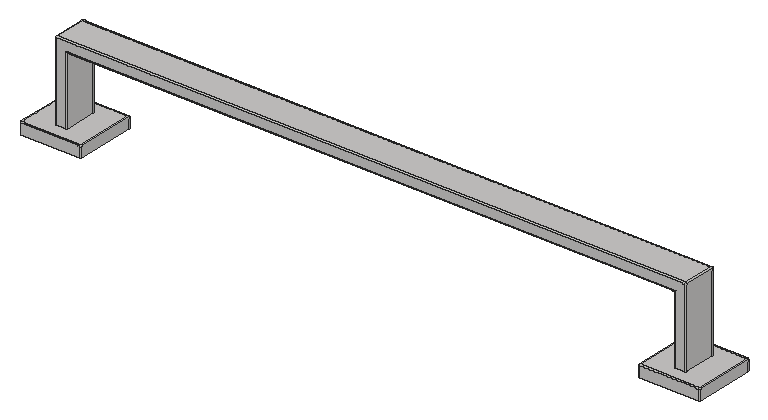
Revit family "PRD_FrankeWS_TwlRls_CUBUSIndividualTowelRail_CUBX001HP", category Specialty Equipment, host Face, Revit 2018
Family settings
  Host = Face
  Round Connector Dimension = Use Diameter
  Part Type = Normal
  OmniClass Number = 23.40.20.21.27
  OmniClass Title = Towel Bars
  Cut with Voids When Loaded = No
  Shared = No
  Room Calculation Point = No
Parameters (values of type "CUBX001HP")
  WarrantyStartDate [instance] = "1900-12-31T23:59:59"
  WarrantyGuarantorParts = "n/a"
  WarrantyGuarantorLabor = "n/a"
  WarrantyDurationUnit = "year"
  WarrantyDurationParts = "n/a"
  WarrantyDurationLabor = "n/a"
  WarrantyDescription = "n/a"
  Version = "1"
  Uniclass2015Version = "Products v1.17"
  Uniclass2015Title = "Towel rails"
  Uniclass2015Code = "Pr_40_20_76_90"
  URL = "www.kwc.com"
  TypeOfMounting = "Wall mounting"
  TypeOfFixing = "Screw"
  TagNumber [instance] = "n/a"
  SustainabilityPerformance = "n/a"
  Style = "Rail"
  Size = "600 x 54 x 80 mm"
  Shape = "n/a"
  SerialNumber [instance] = "n/a"
  Revision = "n/a"
  ReplacementCost = "n/a"
  RailMaterial = PRD_AR_StainlessSteel_HighPolished
  ProductInformation = "https://pim.kwc.com/product/2000106345/attachment/datasheet?locale=en"
  NominalWidth = 600.00 mm
  NominalHeight = 54.00 mm
  NominalDepth = 80.00 mm
  NetWeight = 0.56 kg
  Name = "Individual Towel Rail CUBX001HP"
  NBSTypeID = "n/a"
  NBSReference = "45-35-72/372"
  NBSOfficeMasterTag = "n/a"
  NBSNote = "n/a"
  NBSDescription = "Towel rails"
  NBSCertification = "n/a"
  ModelReference = "CUBX001HP"
  ModelNumber = "2000106345"
  Model = ModelReference  # "CUBX001HP"
  MaterialCode = "1.4301"
  Material = "stainless steel"
  ManufacturerURL = "www.kwc.com"
  ManufacturerName = "KWC Group AG"  # constant formula
  Manufacturer = ManufacturerName  # "KWC Group AG"
  MainColor = "stainless steel"
  IsBuiltIn = "TRUE"
  IntegralAccessories = "incl. stainless steel screws and dowels"
  InstallationDate [instance] = "1900-12-31T23:59:59"
  IfcExportType = "USERDEFINED"
  IfcExportAs = "IfcFurnitureType"
  GrossWeight = 0.89 kg
  Grade = "n/a"
  Finish = "high polished"
  Features = "stainless steel, surface high polished"
  ExpectedLife = "n/a"
  DurationUnit = "year"
  Description = "Single towel rail for wall mounting, 304 stainless steel, square covers with drilled hole on bottom for fixation, inclusive stainless steel screws and dowels."
  Default Elevation = 1200.00 mm
  CreateOn = "05/2020"  # constant formula
  Constituents = "n/a"
  Color = "n/a"
  CodePerformance = "n/a"
  Category = "Pr_40_20_76_90, Towel rails"
  BarCode [instance] = "n/a"
  BIMObjectName = "PRD_AR_TowelRails_CUBUSIndividualTowelRail_CUBX001HP"
  Author = "Archispace"  # constant formula
  AssetType = "Fixed"
  AssetIdentifier [instance] = "n/a"
  AccessibilityPerformance = "n/a"
Reference planes
  plane 1 "Center (Front/Back)": y = 0
  plane 2: z = 0
  plane 3 "Center (Left/Right)": x = 0
  plane 4: through (0, 126.53, 100.48) normal (0, -0.7071, 0.7071)
  plane 5: through (0, -10.935, 59.177) normal (0, -0.1736, 0.9848)
  plane 6: y = 27
  plane 7: y = -27
  plane 8: x = -300
  plane 9: x = 300
  plane 10: x = 273
  plane 11: x = -273
Forms (mm)
  Extrusion 1, solid, material "PRD_AR_StainlessSteel_HighPolished" <- "RailMaterial", detail levels fine
    sketch origin (0, 0, 0) x (1, 0, 0) y (0, 1, 0)
      loop
        line (-300, 26) -> (-300, -26)
        arc (-300, -26) -> (-299.707, -26.707) -> (-299, -27) r 1
        line (-299, -27) -> (-247, -27)
        arc (-247, -27) -> (-246.293, -26.707) -> (-246, -26) r 1
        line (-246, -26) -> (-246, 26)
        arc (-246, 26) -> (-246.293, 26.707) -> (-247, 27) r 1
        line (-247, 27) -> (-299, 27)
        arc (-299, 27) -> (-299.707, 26.707) -> (-300, 26) r 1
      loop
        arc (300, 26) -> (299.707, 26.707) -> (299, 27) r 1
        line (299, 27) -> (247, 27)
        arc (247, 27) -> (246.293, 26.707) -> (246, 26) r 1
        line (246, 26) -> (246, -26)
        arc (246, -26) -> (246.293, -26.707) -> (247, -27) r 1
        line (247, -27) -> (299, -27)
        arc (299, -27) -> (299.707, -26.707) -> (300, -26) r 1
        line (300, -26) -> (300, 26)
    from 0 to 10
  Sweep 2, void
    path in 3D
      loop
        arc (-300, -26, 10) -> (-299.707, -26.707, 10) -> (-299, -27, 10) r 1
        line (-299, -27, 10) -> (-247, -27, 10)
        arc (-247, -27, 10) -> (-246.293, -26.707, 10) -> (-246, -26, 10) r 1
        line (-246, -26, 10) -> (-246, 26, 10)
        arc (-246, 26, 10) -> (-246.293, 26.707, 10) -> (-247, 27, 10) r 1
        line (-247, 27, 10) -> (-299, 27, 10)
        arc (-299, 27, 10) -> (-299.707, 26.707, 10) -> (-300, 26, 10) r 1
        line (-300, 26, 10) -> (-300, -26, 10)
    profile origin (-300, 0, 10) x (1, 0, 0) y (0, 0, 1)
      loop
        line (0, 0) -> (0, -0.9)
        arc (0, -0.9) -> (0.264, -0.264) -> (0.9, 0) r 0.9
        line (0.9, 0) -> (0, 0)
  Sweep 3, void
    path in 3D
      loop
        arc (300, -26, 10) -> (299.707, -26.707, 10) -> (299, -27, 10) r 1
        line (299, -27, 10) -> (247, -27, 10)
        arc (247, -27, 10) -> (246.293, -26.707, 10) -> (246, -26, 10) r 1
        line (246, -26, 10) -> (246, 26, 10)
        arc (246, 26, 10) -> (246.293, 26.707, 10) -> (247, 27, 10) r 1
        line (247, 27, 10) -> (299, 27, 10)
        arc (299, 27, 10) -> (299.707, 26.707, 10) -> (300, 26, 10) r 1
        line (300, 26, 10) -> (300, -26, 10)
    profile origin (300, 0, 10) x (1, 0, 0) y (0, 0, 1)
      loop
        line (0, 0) -> (-0.9, 0)
        arc (-0.9, 0) -> (-0.264, -0.264) -> (0, -0.9) r 0.9
        line (0, -0.9) -> (0, 0)
  Sweep 4, solid, material "PRD_AR_StainlessSteel_HighPolished" <- "RailMaterial", detail levels fine
    path origin (0, 0, 0) x (1, 0, 0) y (0, 0, 1)
      loop
        line (-273, 10) -> (-273, 75) -> (273, 75) -> (273, 10)
    profile origin (-273, 0, 42.5) x (-1, 0, 0) y (0, -1, 0)
      loop
        line (5, -14) -> (5, 14)
        arc (5, 14) -> (4.707, 14.707) -> (4, 15) r 1
        line (4, 15) -> (-4, 15)
        arc (-4, 15) -> (-4.707, 14.707) -> (-5, 14) r 1
        line (-5, 14) -> (-5, -14)
        arc (-5, -14) -> (-4.707, -14.707) -> (-4, -15) r 1
        line (-4, -15) -> (4, -15)
        arc (4, -15) -> (4.707, -14.707) -> (5, -14) r 1
  Extrusion 5, void
    sketch origin (0, 0, 0) x (1, 0, 0) y (0, 0, 1)
      loop
        line (-278, 80) -> (-278, 79)
        arc (-278, 79) -> (-277.707, 79.707) -> (-277, 80) r 1
        line (-277, 80) -> (-278, 80)
      loop
        line (278, 80) -> (277, 80)
        arc (277, 80) -> (277.707, 79.707) -> (278, 79) r 1
        line (278, 79) -> (278, 80)
    from -20.589 to 15
  Extrusion 6, solid, material "PRD_AR_StainlessSteel_HighPolished" <- "RailMaterial", detail levels medium
    sketch origin (0, 0, 0) x (1, 0, 0) y (0, 1, 0)
      loop
        line (-300, 27) -> (-300, -27) -> (-246, -27) -> (-246, 27) -> (-300, 27)
      loop
        line (300, 27) -> (246, 27) -> (246, -27) -> (300, -27) -> (300, 27)
    from 0 to 10
  Sweep 7, solid, material "PRD_AR_StainlessSteel_HighPolished" <- "RailMaterial", detail levels medium
    path origin (0, 0, 0) x (1, 0, 0) y (0, 0, 1)
      loop
        line (-273, 10) -> (-273, 75) -> (273, 75) -> (273, 10)
    profile origin (-273, 0, 42.5) x (-1, 0, 0) y (0, -1, 0)
      loop
        line (5, -15) -> (5, 15) -> (-5, 15) -> (-5, -15) -> (5, -15)
  Extrusion 8, solid, material "PRD_AR_StainlessSteel_HighPolished" <- "RailMaterial", detail levels coarse
    sketch origin (0, 0, 0) x (1, 0, 0) y (0, 1, 0)
      loop
        line (-300, 27) -> (-300, -27) -> (300, -27) -> (300, 27) -> (-300, 27)
    from 0 to 80
Cuts and joins
  Sweep 2, Sweep 3 cuts Extrusion 1
  Extrusion 5 cuts Sweep 4
Lines and regions (mm)
  sketch lines
    curve 1: line (-300, 26, 10) -> (-300, -26, 10)
    curve 2: arc (-300, 26, 10) -> (-299.707, 26.707, 10) -> (-299, 27, 10) r 1
    curve 3: line (-247, 27, 10) -> (-299, 27, 10)
    curve 4: arc (-247, 27, 10) -> (-246.293, 26.707, 10) -> (-246, 26, 10) r 1
    curve 5: line (-246, -26, 10) -> (-246, 26, 10)
    curve 6: arc (-299, -27, 10) -> (-299.707, -26.707, 10) -> (-300, -26, 10) r 1
    curve 7: line (-299, -27, 10) -> (-247, -27, 10)
    curve 8: arc (-246, -26, 10) -> (-246.293, -26.707, 10) -> (-247, -27, 10) r 1
    curve 9: line (300, 26, 10) -> (300, -26, 10)
    curve 10: arc (300, 26, 10) -> (299.707, 26.707, 10) -> (299, 27, 10) r 1
    curve 11: line (247, 27, 10) -> (299, 27, 10)
    curve 12: arc (247, 27, 10) -> (246.293, 26.707, 10) -> (246, 26, 10) r 1
    curve 13: line (246, -26, 10) -> (246, 26, 10)
    curve 14: arc (299, -27, 10) -> (299.707, -26.707, 10) -> (300, -26, 10) r 1
    curve 15: line (299, -27, 10) -> (247, -27, 10)
    curve 16: arc (246, -26, 10) -> (246.293, -26.707, 10) -> (247, -27, 10) r 1
Dimensions and locks
  plane 1 "Center (Front/Back)" to plane 7 = 27.00 mm
  plane 1 "Center (Front/Back)" to plane 6 = 27.00 mm
  plane 8 to plane 3 "Center (Left/Right)" = 300.00 mm
  plane 3 "Center (Left/Right)" to plane 9 = 300.00 mm
  plane 11 to plane 3 "Center (Left/Right)" = 273.00 mm
  plane 3 "Center (Left/Right)" to plane 10 = 273.00 mm
  aligned and locked: plane 2 to host face
  aligned and locked: level to host face
